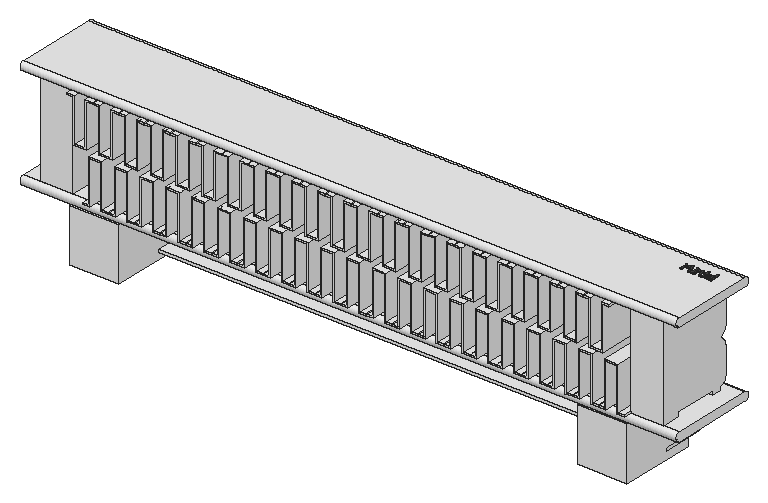
Revit family "Runtal R2F-1", category Mechanical Equipment, host Face, Revit 2015 (continued)
Definition of nested family "Family Grilles"
  Automatic sketch dimensions
    radius of curve 37 = 1.270 mm
    radius of curve 38 = 1.270 mm
    radius of curve 39 = 1.270 mm
    radius of curve 40 = 1.270 mm
    radius of curve 41 = 1.270 mm
    radius of curve 42 = 1.270 mm
    radius of curve 43 = 1.270 mm
    radius of curve 44 = 1.270 mm
    radius of curve 45 = 1.270 mm
    radius of curve 46 = 1.270 mm
    radius of curve 47 = 1.270 mm
    radius of curve 48 = 1.270 mm
    radius of curve 49 = 1.270 mm
    radius of curve 50 = 1.270 mm
    radius of curve 51 = 1.270 mm
    radius of curve 52 = 1.270 mm
    radius of curve 53 = 1.270 mm
    radius of curve 54 = 1.270 mm
    radius of curve 55 = 1.270 mm
    radius of curve 56 = 1.270 mm
    radius of curve 57 = 1.270 mm
    radius of curve 58 = 1.270 mm
    radius of curve 59 = 1.270 mm
    radius of curve 60 = 1.270 mm
    radius of curve 61 = 1.270 mm
    radius of curve 62 = 1.270 mm
    radius of curve 63 = 1.270 mm
    radius of curve 64 = 1.270 mm
    radius of curve 65 = 1.270 mm
    radius of curve 66 = 1.270 mm
    radius of curve 67 = 1.270 mm
    radius of curve 68 = 1.270 mm
    radius of curve 69 = 1.270 mm
    radius of curve 70 = 1.270 mm
    radius of curve 71 = 1.270 mm
    radius of curve 72 = 1.270 mm
    radius of curve 73 = 1.270 mm
    radius of curve 74 = 1.270 mm
    radius of curve 75 = 1.270 mm
    radius of curve 76 = 1.270 mm
    radius of curve 77 = 1.270 mm
    radius of curve 78 = 1.270 mm
    radius of curve 79 = 1.270 mm
    radius of curve 80 = 1.270 mm
    radius of curve 81 = 1.270 mm
    radius of curve 82 = 1.270 mm
    radius of curve 83 = 1.270 mm
    radius of curve 84 = 1.270 mm
    radius of curve 85 = 1.270 mm
    radius of curve 86 = 1.270 mm
    radius of curve 87 = 1.270 mm
    radius of curve 88 = 1.270 mm
    radius of curve 89 = 1.270 mm
    radius of curve 90 = 1.270 mm
    radius of curve 91 = 1.270 mm
    radius of curve 92 = 1.270 mm
    radius of curve 93 = 1.270 mm
    radius of curve 94 = 1.270 mm
    radius of curve 95 = 1.270 mm
    radius of curve 96 = 1.270 mm
    radius of curve 97 = 1.270 mm
    radius of curve 98 = 1.270 mm
    radius of curve 99 = 1.270 mm
    radius of curve 100 = 1.270 mm
    radius of curve 101 = 1.270 mm
    radius of curve 102 = 1.270 mm
    radius of curve 103 = 1.270 mm
    radius of curve 104 = 1.270 mm
    radius of curve 105 = 1.270 mm
    radius of curve 106 = 1.270 mm
    radius of curve 107 = 1.270 mm
    radius of curve 108 = 1.270 mm
    radius of curve 109 = 1.270 mm
    radius of curve 110 = 1.270 mm
    radius of curve 111 = 1.270 mm
    radius of curve 112 = 1.270 mm
    radius of curve 113 = 1.270 mm
    radius of curve 114 = 1.270 mm
    radius of curve 115 = 1.270 mm
    radius of curve 116 = 1.270 mm
    radius of curve 117 = 1.270 mm
    radius of curve 118 = 1.270 mm
    radius of curve 119 = 1.270 mm
    radius of curve 120 = 1.270 mm
    radius of curve 121 = 1.270 mm
    radius of curve 122 = 1.270 mm
    radius of curve 123 = 1.270 mm
    radius of curve 124 = 1.270 mm
    radius of curve 125 = 1.270 mm
    radius of curve 126 = 1.270 mm
    radius of curve 127 = 1.270 mm
    radius of curve 128 = 1.270 mm
    radius of curve 129 = 1.270 mm
    radius of curve 130 = 1.270 mm
    radius of curve 131 = 1.270 mm
    radius of curve 132 = 1.270 mm
    radius of curve 133 = 1.270 mm
    radius of curve 134 = 1.270 mm
    radius of curve 135 = 1.270 mm
    radius of curve 136 = 1.270 mm
    radius of curve 137 = 1.270 mm
    radius of curve 138 = 1.270 mm
    radius of curve 139 = 1.270 mm
    radius of curve 140 = 1.270 mm
    radius of curve 141 = 1.270 mm
    radius of curve 142 = 1.270 mm
    radius of curve 143 = 1.270 mm
    radius of curve 144 = 1.270 mm
    radius of curve 145 = 1.270 mm
    radius of curve 146 = 1.270 mm
    radius of curve 147 = 1.270 mm
    radius of curve 148 = 1.270 mm
    radius of curve 149 = 1.270 mm
    radius of curve 150 = 1.270 mm
    radius of curve 151 = 1.270 mm
    radius of curve 152 = 1.270 mm
    radius of curve 153 = 1.270 mm
    radius of curve 154 = 1.270 mm
    radius of curve 155 = 1.270 mm
    radius of curve 156 = 1.270 mm
    radius of curve 157 = 1.270 mm
    radius of curve 158 = 1.270 mm
    radius of curve 159 = 1.270 mm
    radius of curve 160 = 1.270 mm
    radius of curve 161 = 1.270 mm
    radius of curve 162 = 1.270 mm
    radius of curve 163 = 1.270 mm
    radius of curve 164 = 1.270 mm
    radius of curve 165 = 1.270 mm
    radius of curve 166 = 1.270 mm
    radius of curve 167 = 1.270 mm
    radius of curve 168 = 1.270 mm
    radius of curve 169 = 1.270 mm
    radius of curve 170 = 1.270 mm
    radius of curve 171 = 1.270 mm
    radius of curve 172 = 1.270 mm
    radius of curve 173 = 1.270 mm
    radius of curve 174 = 1.270 mm
    radius of curve 175 = 1.270 mm
    radius of curve 176 = 1.270 mm
    radius of curve 177 = 1.270 mm
    radius of curve 178 = 1.270 mm
    radius of curve 179 = 1.270 mm
    radius of curve 180 = 1.270 mm
    radius of curve 181 = 1.270 mm
    radius of curve 182 = 1.270 mm
    radius of curve 183 = 1.270 mm
    radius of curve 184 = 1.270 mm
    radius of curve 185 = 1.270 mm
    radius of curve 186 = 1.270 mm
    radius of curve 187 = 1.270 mm
    radius of curve 188 = 1.270 mm
    radius of curve 189 = 1.270 mm
    radius of curve 190 = 1.270 mm
    radius of curve 191 = 1.270 mm
    radius of curve 192 = 1.270 mm
    radius of curve 193 = 1.270 mm
    radius of curve 194 = 1.270 mm
    radius of curve 195 = 1.270 mm
    radius of curve 196 = 1.270 mm
    radius of curve 197 = 1.270 mm
    radius of curve 198 = 1.270 mm
    radius of curve 199 = 1.270 mm
    radius of curve 200 = 1.270 mm
    radius of curve 201 = 1.270 mm
    radius of curve 202 = 1.270 mm
    radius of curve 203 = 1.270 mm
    radius of curve 204 = 1.270 mm
    radius of curve 205 = 1.270 mm
    radius of curve 206 = 1.270 mm
    radius of curve 207 = 1.270 mm
    radius of curve 208 = 1.270 mm
    radius of curve 209 = 1.270 mm
    radius of curve 210 = 1.270 mm
    radius of curve 211 = 1.270 mm
    radius of curve 212 = 1.270 mm
    radius of curve 213 = 1.270 mm
    radius of curve 214 = 1.270 mm
    radius of curve 215 = 1.270 mm
    radius of curve 216 = 1.270 mm
    radius of curve 217 = 1.270 mm
    radius of curve 218 = 1.270 mm
    radius of curve 219 = 1.270 mm
    radius of curve 220 = 1.270 mm
    radius of curve 221 = 1.270 mm
    radius of curve 222 = 1.270 mm
    radius of curve 223 = 1.270 mm
    radius of curve 224 = 1.270 mm
    radius of curve 225 = 1.270 mm
    radius of curve 226 = 1.270 mm
    radius of curve 227 = 1.270 mm
    radius of curve 228 = 1.270 mm
    radius of curve 229 = 1.270 mm
    radius of curve 230 = 1.270 mm
    radius of curve 231 = 1.270 mm
    radius of curve 232 = 1.270 mm
    radius of curve 233 = 1.270 mm
    radius of curve 234 = 1.270 mm
    radius of curve 235 = 1.270 mm
    radius of curve 236 = 1.270 mm
    radius of curve 237 = 1.270 mm
    radius of curve 238 = 1.270 mm
    radius of curve 239 = 1.270 mm
    radius of curve 240 = 1.270 mm
    radius of curve 241 = 1.270 mm
    radius of curve 242 = 1.270 mm
    radius of curve 243 = 1.270 mm
    radius of curve 244 = 1.270 mm
    radius of curve 245 = 1.270 mm
    radius of curve 246 = 1.270 mm
    radius of curve 247 = 1.270 mm
    radius of curve 248 = 1.270 mm
    radius of curve 249 = 1.270 mm
    radius of curve 250 = 1.270 mm
    radius of curve 251 = 1.270 mm
    radius of curve 252 = 1.270 mm
    radius of curve 253 = 1.270 mm
    radius of curve 254 = 1.270 mm
    radius of curve 255 = 1.270 mm
    radius of curve 256 = 1.270 mm
    radius of curve 257 = 1.270 mm
    radius of curve 258 = 1.270 mm
    radius of curve 259 = 1.270 mm
    radius of curve 260 = 1.270 mm
    radius of curve 261 = 1.270 mm
    radius of curve 262 = 1.270 mm
    radius of curve 263 = 1.270 mm
    radius of curve 264 = 1.270 mm
    radius of curve 265 = 1.270 mm
    radius of curve 266 = 1.270 mm
    radius of curve 267 = 1.270 mm
    radius of curve 268 = 1.270 mm
    radius of curve 269 = 1.270 mm
    radius of curve 270 = 1.270 mm
    radius of curve 271 = 1.270 mm
    radius of curve 272 = 1.270 mm
    radius of curve 273 = 1.270 mm
    radius of curve 274 = 1.270 mm
    radius of curve 275 = 1.270 mm
    radius of curve 276 = 1.270 mm
    radius of curve 277 = 1.270 mm
    radius of curve 278 = 1.270 mm
    radius of curve 279 = 1.270 mm
    radius of curve 280 = 1.270 mm
    radius of curve 281 = 1.270 mm
    radius of curve 282 = 1.270 mm
    radius of curve 283 = 1.270 mm
    radius of curve 284 = 1.270 mm
    radius of curve 285 = 1.270 mm
    radius of curve 286 = 1.270 mm
    radius of curve 287 = 1.270 mm
    radius of curve 288 = 1.270 mm
    radius of curve 289 = 1.270 mm
    radius of curve 290 = 1.270 mm
    radius of curve 291 = 1.270 mm
    radius of curve 292 = 1.270 mm
    radius of curve 293 = 1.270 mm
    radius of curve 294 = 1.270 mm
    radius of curve 295 = 1.270 mm
    radius of curve 296 = 1.270 mm
    radius of curve 297 = 1.270 mm
    radius of curve 298 = 1.270 mm
    radius of curve 299 = 1.270 mm
    radius of curve 300 = 1.270 mm
    radius of curve 301 = 1.270 mm
    radius of curve 302 = 1.270 mm
    radius of curve 303 = 1.270 mm
    radius of curve 304 = 1.270 mm
    radius of curve 305 = 1.270 mm
    radius of curve 306 = 1.270 mm
    radius of curve 307 = 1.270 mm
    radius of curve 308 = 1.270 mm
    radius of curve 309 = 1.270 mm
    radius of curve 310 = 1.270 mm
    radius of curve 311 = 1.270 mm
    radius of curve 312 = 1.270 mm
    radius of curve 313 = 1.270 mm
    radius of curve 314 = 1.270 mm
    radius of curve 315 = 1.270 mm
    radius of curve 316 = 1.270 mm
    radius of curve 317 = 1.270 mm
    radius of curve 318 = 1.270 mm
    radius of curve 319 = 1.270 mm
    radius of curve 320 = 1.270 mm
    radius of curve 321 = 1.270 mm
    radius of curve 322 = 1.270 mm
    radius of curve 323 = 1.270 mm
    radius of curve 324 = 1.270 mm
    radius of curve 325 = 1.270 mm
    radius of curve 326 = 1.270 mm
    radius of curve 327 = 1.270 mm
    radius of curve 328 = 1.270 mm
    radius of curve 329 = 1.270 mm
    radius of curve 330 = 1.270 mm
    radius of curve 331 = 1.270 mm
    radius of curve 332 = 1.270 mm
    radius of curve 333 = 1.270 mm
    radius of curve 334 = 1.270 mm
    radius of curve 335 = 1.270 mm
    radius of curve 336 = 1.270 mm
    radius of curve 337 = 1.270 mm
    radius of curve 338 = 1.270 mm
    radius of curve 339 = 1.270 mm
    radius of curve 340 = 1.270 mm
    radius of curve 341 = 1.270 mm
    radius of curve 342 = 1.270 mm
    radius of curve 343 = 1.270 mm
    radius of curve 344 = 1.270 mm
    radius of curve 345 = 1.270 mm
    radius of curve 346 = 1.270 mm
    radius of curve 347 = 1.270 mm
    radius of curve 348 = 1.270 mm
    radius of curve 349 = 1.270 mm
    radius of curve 350 = 1.270 mm
    radius of curve 351 = 1.270 mm
    radius of curve 352 = 1.270 mm
    radius of curve 353 = 1.270 mm
    radius of curve 354 = 1.270 mm
    radius of curve 355 = 1.270 mm
    radius of curve 356 = 1.270 mm
    radius of curve 357 = 1.270 mm
    radius of curve 358 = 1.270 mm
    radius of curve 359 = 1.270 mm
    radius of curve 360 = 1.270 mm
    radius of curve 361 = 1.270 mm
    radius of curve 362 = 1.270 mm
    radius of curve 363 = 1.270 mm
    radius of curve 364 = 1.270 mm
    radius of curve 365 = 1.270 mm
    radius of curve 366 = 1.270 mm
    radius of curve 367 = 1.270 mm
    radius of curve 368 = 1.270 mm
    radius of curve 369 = 1.270 mm
    radius of curve 370 = 1.270 mm
    radius of curve 371 = 1.270 mm
    radius of curve 372 = 1.270 mm
    radius of curve 373 = 1.270 mm
    radius of curve 374 = 1.270 mm
    radius of curve 375 = 1.270 mm
    radius of curve 376 = 1.270 mm
    radius of curve 377 = 1.270 mm
    radius of curve 378 = 1.270 mm
    radius of curve 379 = 1.270 mm
    radius of curve 380 = 1.270 mm
    radius of curve 381 = 1.270 mm
    radius of curve 382 = 1.270 mm
    radius of curve 383 = 1.270 mm
    radius of curve 384 = 1.270 mm
    radius of curve 385 = 1.270 mm
    radius of curve 386 = 1.270 mm
    radius of curve 387 = 1.270 mm
    radius of curve 388 = 1.270 mm
    radius of curve 389 = 1.270 mm
    radius of curve 390 = 1.270 mm
    radius of curve 391 = 1.270 mm
    radius of curve 392 = 1.270 mm
    radius of curve 393 = 1.270 mm
    radius of curve 394 = 1.270 mm
    radius of curve 395 = 1.270 mm
    radius of curve 396 = 1.270 mm
    radius of curve 397 = 1.270 mm
    radius of curve 398 = 1.270 mm
    radius of curve 399 = 1.270 mm
    radius of curve 400 = 1.270 mm
    radius of curve 401 = 1.270 mm
    radius of curve 402 = 1.270 mm
    radius of curve 403 = 1.270 mm
    radius of curve 404 = 1.270 mm
    radius of curve 405 = 1.270 mm
    radius of curve 406 = 1.270 mm
    radius of curve 407 = 1.270 mm
    radius of curve 408 = 1.270 mm
    radius of curve 409 = 1.270 mm
    radius of curve 410 = 1.270 mm
    radius of curve 411 = 1.270 mm
    radius of curve 412 = 1.270 mm
    radius of curve 413 = 1.270 mm
    radius of curve 414 = 1.270 mm
    radius of curve 415 = 1.270 mm
    radius of curve 416 = 1.270 mm
    radius of curve 417 = 1.270 mm
    radius of curve 418 = 1.270 mm
    radius of curve 419 = 1.270 mm
    radius of curve 420 = 1.270 mm
    radius of curve 421 = 1.270 mm
    radius of curve 422 = 1.270 mm
    radius of curve 423 = 1.270 mm
    radius of curve 424 = 1.270 mm
    radius of curve 425 = 1.270 mm
    radius of curve 426 = 1.270 mm
    radius of curve 427 = 1.270 mm
    radius of curve 428 = 1.270 mm
    radius of curve 429 = 1.270 mm
    radius of curve 430 = 1.270 mm
    radius of curve 431 = 1.270 mm
    radius of curve 432 = 1.270 mm
    radius of curve 433 = 1.270 mm
    radius of curve 434 = 1.270 mm
    radius of curve 435 = 1.270 mm
    radius of curve 436 = 1.270 mm
    radius of curve 437 = 1.270 mm
    radius of curve 438 = 1.270 mm
    radius of curve 439 = 1.270 mm
    radius of curve 440 = 1.270 mm
    radius of curve 441 = 1.270 mm
    radius of curve 442 = 1.270 mm
    radius of curve 443 = 1.270 mm
    radius of curve 444 = 1.270 mm
    radius of curve 445 = 1.270 mm
    radius of curve 446 = 1.270 mm
    radius of curve 447 = 1.270 mm
    radius of curve 448 = 1.270 mm
    radius of curve 449 = 1.270 mm
    radius of curve 450 = 1.270 mm
    radius of curve 451 = 1.270 mm
    radius of curve 452 = 1.270 mm
    radius of curve 453 = 1.270 mm
    radius of curve 454 = 1.270 mm
    radius of curve 455 = 1.270 mm
    radius of curve 456 = 1.270 mm
    radius of curve 457 = 1.270 mm
    radius of curve 458 = 1.270 mm
    radius of curve 459 = 1.270 mm
    radius of curve 460 = 1.270 mm
    radius of curve 461 = 1.270 mm
    radius of curve 462 = 1.270 mm
    radius of curve 463 = 1.270 mm
    radius of curve 464 = 1.270 mm
    radius of curve 465 = 1.270 mm
    radius of curve 466 = 1.270 mm
    radius of curve 467 = 1.270 mm
    radius of curve 468 = 1.270 mm
    radius of curve 469 = 1.270 mm
    radius of curve 470 = 1.270 mm
    radius of curve 471 = 1.270 mm
    radius of curve 472 = 1.270 mm
    radius of curve 473 = 1.270 mm
    radius of curve 474 = 1.270 mm
    radius of curve 475 = 1.270 mm
    radius of curve 476 = 1.270 mm
    radius of curve 477 = 1.270 mm
    radius of curve 478 = 1.270 mm
    radius of curve 479 = 1.270 mm
    radius of curve 480 = 1.270 mm
    radius of curve 481 = 1.270 mm
    radius of curve 482 = 1.270 mm
    radius of curve 483 = 1.270 mm
    radius of curve 484 = 1.270 mm
    radius of curve 485 = 1.270 mm
    radius of curve 486 = 1.270 mm
    radius of curve 487 = 1.270 mm
    radius of curve 488 = 1.270 mm
    radius of curve 489 = 1.270 mm
    radius of curve 490 = 1.270 mm
    radius of curve 491 = 1.270 mm
    radius of curve 492 = 1.270 mm
    radius of curve 493 = 1.270 mm
    radius of curve 494 = 1.270 mm
    radius of curve 495 = 1.270 mm
    radius of curve 496 = 1.270 mm
    radius of curve 497 = 1.270 mm
    radius of curve 498 = 1.270 mm
    radius of curve 499 = 1.270 mm
    radius of curve 500 = 1.270 mm
    radius of curve 501 = 1.270 mm
    radius of curve 502 = 1.270 mm
    radius of curve 503 = 1.270 mm
    radius of curve 504 = 1.270 mm
    radius of curve 505 = 1.270 mm
    radius of curve 506 = 1.270 mm
    radius of curve 507 = 1.270 mm
    radius of curve 508 = 1.270 mm
    radius of curve 509 = 1.270 mm
    radius of curve 510 = 1.270 mm
    radius of curve 511 = 1.270 mm
    radius of curve 512 = 1.270 mm
    radius of curve 513 = 1.270 mm
Definition of nested family "Family Back Grilles"
  Parameters
    finLength = 431.800 mm
    Right# = ((finLength - 10.160 mm) / (5.080 mm)) + 1  # 84
    Left# = ((finLength - 7.620 mm) / (5.080 mm)) + 1  # 85
    Default Elevation = 1219.200 mm
  Reference planes
    plane 1 "Center (Front/Back)": y = 0
    plane 2: z = 0
    plane 3 "Center (Left/Right)": x = 0
    plane 4: x = 431.8
  Forms (mm)
    Extrusion 1, solid
      sketch origin (0, 0, 0) x (1, 0, 0) y (0, 1, 0)
        loop
          line (-1219.2, 1219.2) -> (-1219.2, -1219.2) -> (1219.2, -1219.2) -> (1219.2, 1219.2) -> (-1219.2, 1219.2)
      from 0 to -304.8
  Lines and regions (mm)
    model lines
      curve 1: circle (2.54, 5.715, 0) r 1.27 normal (0, 0, 1)
      curve 2: circle (5.08, 1.27, 0) r 1.27 normal (0, 0, 1)
      curve 5: circle (7.62, 5.715, 0) r 1.27 normal (0, 0, 1)
      curve 6: circle (10.16, 1.27, 0) r 1.27 normal (0, 0, 1)
      curve 7: circle (15.24, 1.27, 0) r 1.27 normal (0, 0, 1)
      curve 8: circle (20.32, 1.27, 0) r 1.27 normal (0, 0, 1)
      curve 9: circle (12.7, 5.715, 0) r 1.27 normal (0, 0, 1)
      curve 10: circle (17.78, 5.715, 0) r 1.27 normal (0, 0, 1)
      curve 11: circle (22.86, 5.715, 0) r 1.27 normal (0, 0, 1)
      curve 12: circle (27.94, 5.715, 0) r 1.27 normal (0, 0, 1)
      curve 13: circle (33.02, 5.715, 0) r 1.27 normal (0, 0, 1)
      curve 14: circle (38.1, 5.715, 0) r 1.27 normal (0, 0, 1)
      curve 15: circle (43.18, 5.715, 0) r 1.27 normal (0, 0, 1)
      curve 16: circle (48.26, 5.715, 0) r 1.27 normal (0, 0, 1)
      curve 17: circle (53.34, 5.715, 0) r 1.27 normal (0, 0, 1)
      curve 18: circle (58.42, 5.715, 0) r 1.27 normal (0, 0, 1)
      curve 19: circle (63.5, 5.715, 0) r 1.27 normal (0, 0, 1)
      curve 20: circle (68.58, 5.715, 0) r 1.27 normal (0, 0, 1)
      curve 21: circle (73.66, 5.715, 0) r 1.27 normal (0, 0, 1)
      curve 22: circle (78.74, 5.715, 0) r 1.27 normal (0, 0, 1)
      curve 23: circle (83.82, 5.715, 0) r 1.27 normal (0, 0, 1)
      curve 24: circle (88.9, 5.715, 0) r 1.27 normal (0, 0, 1)
      curve 25: circle (93.98, 5.715, 0) r 1.27 normal (0, 0, 1)
      curve 26: circle (99.06, 5.715, 0) r 1.27 normal (0, 0, 1)
      curve 27: circle (104.14, 5.715, 0) r 1.27 normal (0, 0, 1)
      curve 28: circle (109.22, 5.715, 0) r 1.27 normal (0, 0, 1)
      curve 29: circle (114.3, 5.715, 0) r 1.27 normal (0, 0, 1)
      curve 30: circle (119.38, 5.715, 0) r 1.27 normal (0, 0, 1)
      curve 31: circle (124.46, 5.715, 0) r 1.27 normal (0, 0, 1)
      curve 32: circle (129.54, 5.715, 0) r 1.27 normal (0, 0, 1)
      curve 33: circle (134.62, 5.715, 0) r 1.27 normal (0, 0, 1)
      curve 34: circle (139.7, 5.715, 0) r 1.27 normal (0, 0, 1)
      curve 35: circle (144.78, 5.715, 0) r 1.27 normal (0, 0, 1)
      curve 36: circle (149.86, 5.715, 0) r 1.27 normal (0, 0, 1)
      curve 37: circle (154.94, 5.715, 0) r 1.27 normal (0, 0, 1)
      curve 38: circle (160.02, 5.715, 0) r 1.27 normal (0, 0, 1)
      curve 39: circle (165.1, 5.715, 0) r 1.27 normal (0, 0, 1)
      curve 40: circle (170.18, 5.715, 0) r 1.27 normal (0, 0, 1)
      curve 41: circle (175.26, 5.715, 0) r 1.27 normal (0, 0, 1)
      curve 42: circle (180.34, 5.715, 0) r 1.27 normal (0, 0, 1)
      curve 43: circle (185.42, 5.715, 0) r 1.27 normal (0, 0, 1)
      curve 44: circle (190.5, 5.715, 0) r 1.27 normal (0, 0, 1)
      curve 45: circle (195.58, 5.715, 0) r 1.27 normal (0, 0, 1)
      curve 46: circle (200.66, 5.715, 0) r 1.27 normal (0, 0, 1)
      curve 47: circle (205.74, 5.715, 0) r 1.27 normal (0, 0, 1)
      curve 48: circle (210.82, 5.715, 0) r 1.27 normal (0, 0, 1)
      curve 49: circle (215.9, 5.715, 0) r 1.27 normal (0, 0, 1)
      curve 50: circle (220.98, 5.715, 0) r 1.27 normal (0, 0, 1)
      curve 51: circle (226.06, 5.715, 0) r 1.27 normal (0, 0, 1)
      curve 52: circle (231.14, 5.715, 0) r 1.27 normal (0, 0, 1)
      curve 53: circle (236.22, 5.715, 0) r 1.27 normal (0, 0, 1)
      curve 54: circle (241.3, 5.715, 0) r 1.27 normal (0, 0, 1)
      curve 55: circle (246.38, 5.715, 0) r 1.27 normal (0, 0, 1)
      curve 56: circle (251.46, 5.715, 0) r 1.27 normal (0, 0, 1)
      curve 57: circle (256.54, 5.715, 0) r 1.27 normal (0, 0, 1)
      curve 58: circle (261.62, 5.715, 0) r 1.27 normal (0, 0, 1)
      curve 59: circle (266.7, 5.715, 0) r 1.27 normal (0, 0, 1)
      curve 60: circle (271.78, 5.715, 0) r 1.27 normal (0, 0, 1)
      curve 61: circle (276.86, 5.715, 0) r 1.27 normal (0, 0, 1)
      curve 62: circle (281.94, 5.715, 0) r 1.27 normal (0, 0, 1)
      curve 63: circle (287.02, 5.715, 0) r 1.27 normal (0, 0, 1)
      curve 64: circle (292.1, 5.715, 0) r 1.27 normal (0, 0, 1)
      curve 65: circle (297.18, 5.715, 0) r 1.27 normal (0, 0, 1)
      curve 66: circle (302.26, 5.715, 0) r 1.27 normal (0, 0, 1)
      curve 67: circle (307.34, 5.715, 0) r 1.27 normal (0, 0, 1)
      curve 68: circle (312.42, 5.715, 0) r 1.27 normal (0, 0, 1)
      curve 69: circle (317.5, 5.715, 0) r 1.27 normal (0, 0, 1)
      curve 70: circle (322.58, 5.715, 0) r 1.27 normal (0, 0, 1)
      curve 71: circle (327.66, 5.715, 0) r 1.27 normal (0, 0, 1)
      curve 72: circle (332.74, 5.715, 0) r 1.27 normal (0, 0, 1)
      curve 73: circle (337.82, 5.715, 0) r 1.27 normal (0, 0, 1)
      curve 74: circle (342.9, 5.715, 0) r 1.27 normal (0, 0, 1)
      curve 75: circle (347.98, 5.715, 0) r 1.27 normal (0, 0, 1)
      curve 76: circle (353.06, 5.715, 0) r 1.27 normal (0, 0, 1)
      curve 77: circle (358.14, 5.715, 0) r 1.27 normal (0, 0, 1)
      curve 78: circle (363.22, 5.715, 0) r 1.27 normal (0, 0, 1)
      curve 79: circle (368.3, 5.715, 0) r 1.27 normal (0, 0, 1)
      curve 80: circle (373.38, 5.715, 0) r 1.27 normal (0, 0, 1)
      curve 81: circle (378.46, 5.715, 0) r 1.27 normal (0, 0, 1)
      curve 82: circle (383.54, 5.715, 0) r 1.27 normal (0, 0, 1)
      curve 83: circle (388.62, 5.715, 0) r 1.27 normal (0, 0, 1)
      curve 84: circle (393.7, 5.715, 0) r 1.27 normal (0, 0, 1)
      curve 85: circle (398.78, 5.715, 0) r 1.27 normal (0, 0, 1)
      curve 86: circle (403.86, 5.715, 0) r 1.27 normal (0, 0, 1)
      curve 87: circle (408.94, 5.715, 0) r 1.27 normal (0, 0, 1)
      curve 88: circle (414.02, 5.715, 0) r 1.27 normal (0, 0, 1)
      curve 89: circle (419.1, 5.715, 0) r 1.27 normal (0, 0, 1)
      curve 90: circle (424.18, 5.715, 0) r 1.27 normal (0, 0, 1)
      curve 91: circle (429.26, 5.715, 0) r 1.27 normal (0, 0, 1)
      curve 92: circle (25.4, 1.27, 0) r 1.27 normal (0, 0, 1)
      curve 93: circle (30.48, 1.27, 0) r 1.27 normal (0, 0, 1)
      curve 94: circle (35.56, 1.27, 0) r 1.27 normal (0, 0, 1)
      curve 95: circle (40.64, 1.27, 0) r 1.27 normal (0, 0, 1)
      curve 96: circle (45.72, 1.27, 0) r 1.27 normal (0, 0, 1)
      curve 97: circle (50.8, 1.27, 0) r 1.27 normal (0, 0, 1)
      curve 98: circle (55.88, 1.27, 0) r 1.27 normal (0, 0, 1)
      curve 99: circle (60.96, 1.27, 0) r 1.27 normal (0, 0, 1)
      curve 100: circle (66.04, 1.27, 0) r 1.27 normal (0, 0, 1)
      curve 101: circle (71.12, 1.27, 0) r 1.27 normal (0, 0, 1)
      curve 102: circle (76.2, 1.27, 0) r 1.27 normal (0, 0, 1)
      curve 103: circle (81.28, 1.27, 0) r 1.27 normal (0, 0, 1)
      curve 104: circle (86.36, 1.27, 0) r 1.27 normal (0, 0, 1)
      curve 105: circle (91.44, 1.27, 0) r 1.27 normal (0, 0, 1)
      curve 106: circle (96.52, 1.27, 0) r 1.27 normal (0, 0, 1)
      curve 107: circle (101.6, 1.27, 0) r 1.27 normal (0, 0, 1)
      curve 108: circle (106.68, 1.27, 0) r 1.27 normal (0, 0, 1)
      curve 109: circle (111.76, 1.27, 0) r 1.27 normal (0, 0, 1)
      curve 110: circle (116.84, 1.27, 0) r 1.27 normal (0, 0, 1)
      curve 111: circle (121.92, 1.27, 0) r 1.27 normal (0, 0, 1)
      curve 112: circle (127, 1.27, 0) r 1.27 normal (0, 0, 1)
      curve 113: circle (132.08, 1.27, 0) r 1.27 normal (0, 0, 1)
      curve 114: circle (137.16, 1.27, 0) r 1.27 normal (0, 0, 1)
      curve 115: circle (142.24, 1.27, 0) r 1.27 normal (0, 0, 1)
      curve 116: circle (147.32, 1.27, 0) r 1.27 normal (0, 0, 1)
      curve 117: circle (152.4, 1.27, 0) r 1.27 normal (0, 0, 1)
      curve 118: circle (157.48, 1.27, 0) r 1.27 normal (0, 0, 1)
      curve 119: circle (162.56, 1.27, 0) r 1.27 normal (0, 0, 1)
      curve 120: circle (167.64, 1.27, 0) r 1.27 normal (0, 0, 1)
      curve 121: circle (172.72, 1.27, 0) r 1.27 normal (0, 0, 1)
      curve 122: circle (177.8, 1.27, 0) r 1.27 normal (0, 0, 1)
      curve 123: circle (182.88, 1.27, 0) r 1.27 normal (0, 0, 1)
      curve 124: circle (187.96, 1.27, 0) r 1.27 normal (0, 0, 1)
      curve 125: circle (193.04, 1.27, 0) r 1.27 normal (0, 0, 1)
      curve 126: circle (198.12, 1.27, 0) r 1.27 normal (0, 0, 1)
      curve 127: circle (203.2, 1.27, 0) r 1.27 normal (0, 0, 1)
      curve 128: circle (208.28, 1.27, 0) r 1.27 normal (0, 0, 1)
      curve 129: circle (213.36, 1.27, 0) r 1.27 normal (0, 0, 1)
      curve 130: circle (218.44, 1.27, 0) r 1.27 normal (0, 0, 1)
      curve 131: circle (223.52, 1.27, 0) r 1.27 normal (0, 0, 1)
      curve 132: circle (228.6, 1.27, 0) r 1.27 normal (0, 0, 1)
      curve 133: circle (233.68, 1.27, 0) r 1.27 normal (0, 0, 1)
      curve 134: circle (238.76, 1.27, 0) r 1.27 normal (0, 0, 1)
      curve 135: circle (243.84, 1.27, 0) r 1.27 normal (0, 0, 1)
      curve 136: circle (248.92, 1.27, 0) r 1.27 normal (0, 0, 1)
      curve 137: circle (254, 1.27, 0) r 1.27 normal (0, 0, 1)
      curve 138: circle (259.08, 1.27, 0) r 1.27 normal (0, 0, 1)
      curve 139: circle (264.16, 1.27, 0) r 1.27 normal (0, 0, 1)
      curve 140: circle (269.24, 1.27, 0) r 1.27 normal (0, 0, 1)
      curve 141: circle (274.32, 1.27, 0) r 1.27 normal (0, 0, 1)
      curve 142: circle (279.4, 1.27, 0) r 1.27 normal (0, 0, 1)
      curve 143: circle (284.48, 1.27, 0) r 1.27 normal (0, 0, 1)
      curve 144: circle (289.56, 1.27, 0) r 1.27 normal (0, 0, 1)
      curve 145: circle (294.64, 1.27, 0) r 1.27 normal (0, 0, 1)
      curve 146: circle (299.72, 1.27, 0) r 1.27 normal (0, 0, 1)
      curve 147: circle (304.8, 1.27, 0) r 1.27 normal (0, 0, 1)
      curve 148: circle (309.88, 1.27, 0) r 1.27 normal (0, 0, 1)
      curve 149: circle (314.96, 1.27, 0) r 1.27 normal (0, 0, 1)
      curve 150: circle (320.04, 1.27, 0) r 1.27 normal (0, 0, 1)
      curve 151: circle (325.12, 1.27, 0) r 1.27 normal (0, 0, 1)
      curve 152: circle (330.2, 1.27, 0) r 1.27 normal (0, 0, 1)
      curve 153: circle (335.28, 1.27, 0) r 1.27 normal (0, 0, 1)
      curve 154: circle (340.36, 1.27, 0) r 1.27 normal (0, 0, 1)
      curve 155: circle (345.44, 1.27, 0) r 1.27 normal (0, 0, 1)
      curve 156: circle (350.52, 1.27, 0) r 1.27 normal (0, 0, 1)
      curve 157: circle (355.6, 1.27, 0) r 1.27 normal (0, 0, 1)
      curve 158: circle (360.68, 1.27, 0) r 1.27 normal (0, 0, 1)
      curve 159: circle (365.76, 1.27, 0) r 1.27 normal (0, 0, 1)
      curve 160: circle (370.84, 1.27, 0) r 1.27 normal (0, 0, 1)
      curve 161: circle (375.92, 1.27, 0) r 1.27 normal (0, 0, 1)
      curve 162: circle (381, 1.27, 0) r 1.27 normal (0, 0, 1)
      curve 163: circle (386.08, 1.27, 0) r 1.27 normal (0, 0, 1)
      curve 164: circle (391.16, 1.27, 0) r 1.27 normal (0, 0, 1)
      curve 165: circle (396.24, 1.27, 0) r 1.27 normal (0, 0, 1)
      curve 166: circle (401.32, 1.27, 0) r 1.27 normal (0, 0, 1)
      curve 167: circle (406.4, 1.27, 0) r 1.27 normal (0, 0, 1)
      curve 168: circle (411.48, 1.27, 0) r 1.27 normal (0, 0, 1)
      curve 169: circle (416.56, 1.27, 0) r 1.27 normal (0, 0, 1)
      curve 170: circle (421.64, 1.27, 0) r 1.27 normal (0, 0, 1)
      curve 171: circle (426.72, 1.27, 0) r 1.27 normal (0, 0, 1)
    model lines, not visible
      curve 3: circle (2.54, 5.715, 0) r 1.27 normal (0, 0, 1)
      curve 4: circle (5.08, 1.27, 0) r 1.27 normal (0, 0, 1)
  Dimensions and locks
    "finLength": plane 3 "Center (Left/Right)" to plane 4
    equal spacing: group 1, group 5, group 9, group 10, group 11, group 12, group 13, group 14, group 15, group 16, group 17, group 18, group 19, group 20, group 21, group 22, group 23, group 24, group 25, group 26, group 27, group 28, group 29, group 30, group 31, group 32, group 33, group 34, group 35, group 36, group 37, group 38, group 39, group 40, group 41, group 42, group 43, group 44, group 45, group 46, group 47, group 48, group 49, group 50, group 51, group 52, group 53, group 54, group 55, group 56, group 57, group 58, group 59, group 60, group 61, group 62, group 63, group 64, group 65, group 66, group 67, group 68, group 69, group 70, group 71, group 72, group 73, group 74, group 75, group 76, group 77, group 78, group 79, group 80, group 81, group 82, group 83, group 84, group 85, group 86, group 87, group 88, group 89, group 90, group 91  (x3)
    equal spacing: group 3, group 6, group 7, group 8, group 92, group 93, group 94, group 95, group 96, group 97, group 98, group 99, group 100, group 101, group 102, group 103, group 104, group 105, group 106, group 107, group 108, group 109, group 110, group 111, group 112, group 113, group 114, group 115, group 116, group 117, group 118, group 119, group 120, group 121, group 122, group 123, group 124, group 125, group 126, group 127, group 128, group 129, group 130, group 131, group 132, group 133, group 134, group 135, group 136, group 137, group 138, group 139, group 140, group 141, group 142, group 143, group 144, group 145, group 146, group 147, group 148, group 149, group 150, group 151, group 152, group 153, group 154, group 155, group 156, group 157, group 158, group 159, group 160, group 161, group 162, group 163, group 164, group 165, group 166, group 167, group 168, group 169, group 170, group 171  (x3)
    aligned and locked: plane 2 to Extrusion 1
    aligned and locked: level to Extrusion 1
  Automatic sketch dimensions
    Extrusion 1 sketch curve to Extrusion 1 sketch curve = 2438.400 mm  (x2)
    radius of curve 1 = 1.270 mm
    radius of curve 3 = 1.270 mm
    radius of curve 2 = 1.270 mm
    radius of curve 4 = 1.270 mm
    radius of curve 5 = 1.270 mm
    radius of curve 6 = 1.270 mm
    radius of curve 7 = 1.270 mm
    radius of curve 8 = 1.270 mm
    radius of curve 9 = 1.270 mm
    radius of curve 10 = 1.270 mm
    radius of curve 11 = 1.270 mm
    radius of curve 12 = 1.270 mm
    radius of curve 13 = 1.270 mm
    radius of curve 14 = 1.270 mm
    radius of curve 15 = 1.270 mm
    radius of curve 16 = 1.270 mm
    radius of curve 17 = 1.270 mm
    radius of curve 18 = 1.270 mm
    radius of curve 19 = 1.270 mm
    radius of curve 20 = 1.270 mm
    radius of curve 21 = 1.270 mm
    radius of curve 22 = 1.270 mm
    radius of curve 23 = 1.270 mm
    radius of curve 24 = 1.270 mm
    radius of curve 25 = 1.270 mm
    radius of curve 26 = 1.270 mm
    radius of curve 27 = 1.270 mm
    radius of curve 28 = 1.270 mm
    radius of curve 29 = 1.270 mm
    radius of curve 30 = 1.270 mm
    radius of curve 31 = 1.270 mm
    radius of curve 32 = 1.270 mm
    radius of curve 33 = 1.270 mm
    radius of curve 34 = 1.270 mm
    radius of curve 35 = 1.270 mm
    radius of curve 36 = 1.270 mm
    radius of curve 37 = 1.270 mm
    radius of curve 38 = 1.270 mm
    radius of curve 39 = 1.270 mm
    radius of curve 40 = 1.270 mm
    radius of curve 41 = 1.270 mm
    radius of curve 42 = 1.270 mm
    radius of curve 43 = 1.270 mm
    radius of curve 44 = 1.270 mm
    radius of curve 45 = 1.270 mm
    radius of curve 46 = 1.270 mm
    radius of curve 47 = 1.270 mm
    radius of curve 48 = 1.270 mm
    radius of curve 49 = 1.270 mm
    radius of curve 50 = 1.270 mm
    radius of curve 51 = 1.270 mm
    radius of curve 52 = 1.270 mm
    radius of curve 53 = 1.270 mm
    radius of curve 54 = 1.270 mm
    radius of curve 55 = 1.270 mm
    radius of curve 56 = 1.270 mm
    radius of curve 57 = 1.270 mm
    radius of curve 58 = 1.270 mm
    radius of curve 59 = 1.270 mm
    radius of curve 60 = 1.270 mm
    radius of curve 61 = 1.270 mm
    radius of curve 62 = 1.270 mm
    radius of curve 63 = 1.270 mm
    radius of curve 64 = 1.270 mm
    radius of curve 65 = 1.270 mm
    radius of curve 66 = 1.270 mm
    radius of curve 67 = 1.270 mm
    radius of curve 68 = 1.270 mm
    radius of curve 69 = 1.270 mm
    radius of curve 70 = 1.270 mm
    radius of curve 71 = 1.270 mm
    radius of curve 72 = 1.270 mm
    radius of curve 73 = 1.270 mm
    radius of curve 74 = 1.270 mm
    radius of curve 75 = 1.270 mm
    radius of curve 76 = 1.270 mm
    radius of curve 77 = 1.270 mm
    radius of curve 78 = 1.270 mm
    radius of curve 79 = 1.270 mm
    radius of curve 80 = 1.270 mm
    radius of curve 81 = 1.270 mm
    radius of curve 82 = 1.270 mm
    radius of curve 83 = 1.270 mm
    radius of curve 84 = 1.270 mm
    radius of curve 85 = 1.270 mm
    radius of curve 86 = 1.270 mm
    radius of curve 87 = 1.270 mm
    radius of curve 88 = 1.270 mm
    radius of curve 89 = 1.270 mm
    radius of curve 90 = 1.270 mm
    radius of curve 91 = 1.270 mm
    radius of curve 92 = 1.270 mm
    radius of curve 93 = 1.270 mm
    radius of curve 94 = 1.270 mm
    radius of curve 95 = 1.270 mm
    radius of curve 96 = 1.270 mm
    radius of curve 97 = 1.270 mm
    radius of curve 98 = 1.270 mm
    radius of curve 99 = 1.270 mm
    radius of curve 100 = 1.270 mm
    radius of curve 101 = 1.270 mm
    radius of curve 102 = 1.270 mm
    radius of curve 103 = 1.270 mm
    radius of curve 104 = 1.270 mm
    radius of curve 105 = 1.270 mm
    radius of curve 106 = 1.270 mm
    radius of curve 107 = 1.270 mm
    radius of curve 108 = 1.270 mm
    radius of curve 109 = 1.270 mm
    radius of curve 110 = 1.270 mm
    radius of curve 111 = 1.270 mm
    radius of curve 112 = 1.270 mm
    radius of curve 113 = 1.270 mm
    radius of curve 114 = 1.270 mm
    radius of curve 115 = 1.270 mm
    radius of curve 116 = 1.270 mm
    radius of curve 117 = 1.270 mm
    radius of curve 118 = 1.270 mm
    radius of curve 119 = 1.270 mm
    radius of curve 120 = 1.270 mm
    radius of curve 121 = 1.270 mm
    radius of curve 122 = 1.270 mm
    radius of curve 123 = 1.270 mm
    radius of curve 124 = 1.270 mm
    radius of curve 125 = 1.270 mm
    radius of curve 126 = 1.270 mm
    radius of curve 127 = 1.270 mm
    radius of curve 128 = 1.270 mm
    radius of curve 129 = 1.270 mm
    radius of curve 130 = 1.270 mm
    radius of curve 131 = 1.270 mm
    radius of curve 132 = 1.270 mm
    radius of curve 133 = 1.270 mm
    radius of curve 134 = 1.270 mm
    radius of curve 135 = 1.270 mm
    radius of curve 136 = 1.270 mm
    radius of curve 137 = 1.270 mm
    radius of curve 138 = 1.270 mm
    radius of curve 139 = 1.270 mm
    radius of curve 140 = 1.270 mm
    radius of curve 141 = 1.270 mm
    radius of curve 142 = 1.270 mm
    radius of curve 143 = 1.270 mm
    radius of curve 144 = 1.270 mm
    radius of curve 145 = 1.270 mm
    radius of curve 146 = 1.270 mm
    radius of curve 147 = 1.270 mm
    radius of curve 148 = 1.270 mm
    radius of curve 149 = 1.270 mm
    radius of curve 150 = 1.270 mm
    radius of curve 151 = 1.270 mm
    radius of curve 152 = 1.270 mm
    radius of curve 153 = 1.270 mm
    radius of curve 154 = 1.270 mm
    radius of curve 155 = 1.270 mm
    radius of curve 156 = 1.270 mm
    radius of curve 157 = 1.270 mm
    radius of curve 158 = 1.270 mm
    radius of curve 159 = 1.270 mm
    radius of curve 160 = 1.270 mm
    radius of curve 161 = 1.270 mm
    radius of curve 162 = 1.270 mm
    radius of curve 163 = 1.270 mm
    radius of curve 164 = 1.270 mm
    radius of curve 165 = 1.270 mm
    radius of curve 166 = 1.270 mm
    radius of curve 167 = 1.270 mm
    radius of curve 168 = 1.270 mm
    radius of curve 169 = 1.270 mm
    radius of curve 170 = 1.270 mm
    radius of curve 171 = 1.270 mm
